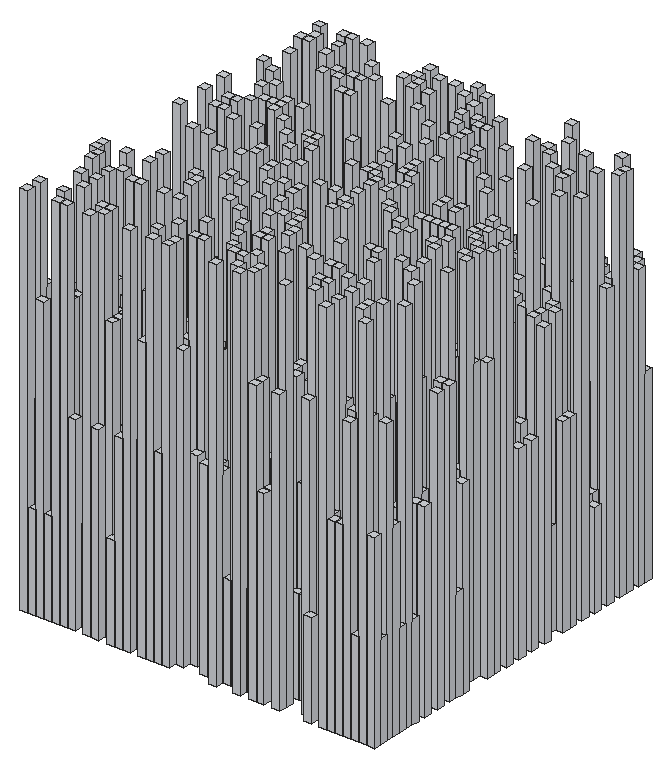
Revit family "qrcodeQ(a)R(t)", category Generic Models, Revit 2013 (continued)
Forms (in)
  Extrusion 926, solid
    sketch origin (0, 0, 0) x (1, 0, 0) y (0, 1, 0)
      loop
        line (43.9824, 38.9844) -> (44.982, 38.9844) -> (44.982, 39.984) -> (43.9824, 39.984) -> (43.9824, 38.9844)
    from 0 to 48
  Extrusion 927, solid
    sketch origin (0, 0, 0) x (1, 0, 0) y (0, 1, 0)
      loop
        line (0, 39.984) -> (0.9996, 39.984) -> (0.9996, 40.9836) -> (0, 40.9836) -> (0, 39.984)
    from 0 to 24
  Extrusion 928, solid
    sketch origin (0, 0, 0) x (1, 0, 0) y (0, 1, 0)
      loop
        line (1.9992, 39.984) -> (2.9988, 39.984) -> (2.9988, 40.9836) -> (1.9992, 40.9836) -> (1.9992, 39.984)
    from 0 to 12
  Extrusion 929, solid
    sketch origin (0, 0, 0) x (1, 0, 0) y (0, 1, 0)
      loop
        line (2.9988, 39.984) -> (3.9984, 39.984) -> (3.9984, 40.9836) -> (2.9988, 40.9836) -> (2.9988, 39.984)
    from 0 to 36
  Extrusion 930, solid
    sketch origin (0, 0, 0) x (1, 0, 0) y (0, 1, 0)
      loop
        line (3.9984, 39.984) -> (4.998, 39.984) -> (4.998, 40.9836) -> (3.9984, 40.9836) -> (3.9984, 39.984)
    from 0 to 36
  Extrusion 931, solid
    sketch origin (0, 0, 0) x (1, 0, 0) y (0, 1, 0)
      loop
        line (5.9976, 39.984) -> (6.9972, 39.984) -> (6.9972, 40.9836) -> (5.9976, 40.9836) -> (5.9976, 39.984)
    from 0 to 48
  Extrusion 932, solid
    sketch origin (0, 0, 0) x (1, 0, 0) y (0, 1, 0)
      loop
        line (7.9968, 39.984) -> (8.9964, 39.984) -> (8.9964, 40.9836) -> (7.9968, 40.9836) -> (7.9968, 39.984)
    from 0 to 24
  Extrusion 933, solid
    sketch origin (0, 0, 0) x (1, 0, 0) y (0, 1, 0)
      loop
        line (9.996, 39.984) -> (10.9956, 39.984) -> (10.9956, 40.9836) -> (9.996, 40.9836) -> (9.996, 39.984)
    from 0 to 36
  Extrusion 934, solid
    sketch origin (0, 0, 0) x (1, 0, 0) y (0, 1, 0)
      loop
        line (10.9956, 39.984) -> (11.9952, 39.984) -> (11.9952, 40.9836) -> (10.9956, 40.9836) -> (10.9956, 39.984)
    from 0 to 12
  Extrusion 935, solid
    sketch origin (0, 0, 0) x (1, 0, 0) y (0, 1, 0)
      loop
        line (11.9952, 39.984) -> (12.9948, 39.984) -> (12.9948, 40.9836) -> (11.9952, 40.9836) -> (11.9952, 39.984)
    from 0 to 24
  Extrusion 936, solid
    sketch origin (0, 0, 0) x (1, 0, 0) y (0, 1, 0)
      loop
        line (15.9936, 39.984) -> (16.9932, 39.984) -> (16.9932, 40.9836) -> (15.9936, 40.9836) -> (15.9936, 39.984)
    from 0 to 24
  Extrusion 937, solid
    sketch origin (0, 0, 0) x (1, 0, 0) y (0, 1, 0)
      loop
        line (16.9932, 39.984) -> (17.9928, 39.984) -> (17.9928, 40.9836) -> (16.9932, 40.9836) -> (16.9932, 39.984)
    from 0 to 48
  Extrusion 938, solid
    sketch origin (0, 0, 0) x (1, 0, 0) y (0, 1, 0)
      loop
        line (18.9924, 39.984) -> (19.992, 39.984) -> (19.992, 40.9836) -> (18.9924, 40.9836) -> (18.9924, 39.984)
    from 0 to 48
  Extrusion 939, solid
    sketch origin (0, 0, 0) x (1, 0, 0) y (0, 1, 0)
      loop
        line (19.992, 39.984) -> (20.9916, 39.984) -> (20.9916, 40.9836) -> (19.992, 40.9836) -> (19.992, 39.984)
    from 0 to 24
  Extrusion 940, solid
    sketch origin (0, 0, 0) x (1, 0, 0) y (0, 1, 0)
      loop
        line (20.9916, 39.984) -> (21.9912, 39.984) -> (21.9912, 40.9836) -> (20.9916, 40.9836) -> (20.9916, 39.984)
    from 0 to 12
  Extrusion 941, solid
    sketch origin (0, 0, 0) x (1, 0, 0) y (0, 1, 0)
      loop
        line (21.9912, 39.984) -> (22.9908, 39.984) -> (22.9908, 40.9836) -> (21.9912, 40.9836) -> (21.9912, 39.984)
    from 0 to 36
  Extrusion 942, solid
    sketch origin (0, 0, 0) x (1, 0, 0) y (0, 1, 0)
      loop
        line (22.9908, 39.984) -> (23.9904, 39.984) -> (23.9904, 40.9836) -> (22.9908, 40.9836) -> (22.9908, 39.984)
    from 0 to 12
  Extrusion 943, solid
    sketch origin (0, 0, 0) x (1, 0, 0) y (0, 1, 0)
      loop
        line (23.9904, 39.984) -> (24.99, 39.984) -> (24.99, 40.9836) -> (23.9904, 40.9836) -> (23.9904, 39.984)
    from 0 to 36
  Extrusion 944, solid
    sketch origin (0, 0, 0) x (1, 0, 0) y (0, 1, 0)
      loop
        line (24.99, 39.984) -> (25.9896, 39.984) -> (25.9896, 40.9836) -> (24.99, 40.9836) -> (24.99, 39.984)
    from 0 to 12
  Extrusion 945, solid
    sketch origin (0, 0, 0) x (1, 0, 0) y (0, 1, 0)
      loop
        line (25.9896, 39.984) -> (26.9892, 39.984) -> (26.9892, 40.9836) -> (25.9896, 40.9836) -> (25.9896, 39.984)
    from 0 to 24
  Extrusion 946, solid
    sketch origin (0, 0, 0) x (1, 0, 0) y (0, 1, 0)
      loop
        line (27.9888, 39.984) -> (28.9884, 39.984) -> (28.9884, 40.9836) -> (27.9888, 40.9836) -> (27.9888, 39.984)
    from 0 to 48
  Extrusion 947, solid
    sketch origin (0, 0, 0) x (1, 0, 0) y (0, 1, 0)
      loop
        line (29.988, 39.984) -> (30.9876, 39.984) -> (30.9876, 40.9836) -> (29.988, 40.9836) -> (29.988, 39.984)
    from 0 to 24
  Extrusion 948, solid
    sketch origin (0, 0, 0) x (1, 0, 0) y (0, 1, 0)
      loop
        line (30.9876, 39.984) -> (31.9872, 39.984) -> (31.9872, 40.9836) -> (30.9876, 40.9836) -> (30.9876, 39.984)
    from 0 to 36
  Extrusion 949, solid
    sketch origin (0, 0, 0) x (1, 0, 0) y (0, 1, 0)
      loop
        line (32.9868, 39.984) -> (33.9864, 39.984) -> (33.9864, 40.9836) -> (32.9868, 40.9836) -> (32.9868, 39.984)
    from 0 to 12
  Extrusion 950, solid
    sketch origin (0, 0, 0) x (1, 0, 0) y (0, 1, 0)
      loop
        line (33.9864, 39.984) -> (34.986, 39.984) -> (34.986, 40.9836) -> (33.9864, 40.9836) -> (33.9864, 39.984)
    from 0 to 24
  Extrusion 951, solid
    sketch origin (0, 0, 0) x (1, 0, 0) y (0, 1, 0)
      loop
        line (34.986, 39.984) -> (35.9856, 39.984) -> (35.9856, 40.9836) -> (34.986, 40.9836) -> (34.986, 39.984)
    from 0 to 36
  Extrusion 952, solid
    sketch origin (0, 0, 0) x (1, 0, 0) y (0, 1, 0)
      loop
        line (35.9856, 39.984) -> (36.9852, 39.984) -> (36.9852, 40.9836) -> (35.9856, 40.9836) -> (35.9856, 39.984)
    from 0 to 12
  Extrusion 953, solid
    sketch origin (0, 0, 0) x (1, 0, 0) y (0, 1, 0)
      loop
        line (36.9852, 39.984) -> (37.9848, 39.984) -> (37.9848, 40.9836) -> (36.9852, 40.9836) -> (36.9852, 39.984)
    from 0 to 24
  Extrusion 954, solid
    sketch origin (0, 0, 0) x (1, 0, 0) y (0, 1, 0)
      loop
        line (37.9848, 39.984) -> (38.9844, 39.984) -> (38.9844, 40.9836) -> (37.9848, 40.9836) -> (37.9848, 39.984)
    from 0 to 36
  Extrusion 955, solid
    sketch origin (0, 0, 0) x (1, 0, 0) y (0, 1, 0)
      loop
        line (38.9844, 39.984) -> (39.984, 39.984) -> (39.984, 40.9836) -> (38.9844, 40.9836) -> (38.9844, 39.984)
    from 0 to 48
  Extrusion 956, solid
    sketch origin (0, 0, 0) x (1, 0, 0) y (0, 1, 0)
      loop
        line (39.984, 39.984) -> (40.9836, 39.984) -> (40.9836, 40.9836) -> (39.984, 40.9836) -> (39.984, 39.984)
    from 0 to 24
  Extrusion 957, solid
    sketch origin (0, 0, 0) x (1, 0, 0) y (0, 1, 0)
      loop
        line (40.9836, 39.984) -> (41.9832, 39.984) -> (41.9832, 40.9836) -> (40.9836, 40.9836) -> (40.9836, 39.984)
    from 0 to 36
  Extrusion 958, solid
    sketch origin (0, 0, 0) x (1, 0, 0) y (0, 1, 0)
      loop
        line (43.9824, 39.984) -> (44.982, 39.984) -> (44.982, 40.9836) -> (43.9824, 40.9836) -> (43.9824, 39.984)
    from 0 to 48
  Extrusion 959, solid
    sketch origin (0, 0, 0) x (1, 0, 0) y (0, 1, 0)
      loop
        line (0, 40.9836) -> (0.9996, 40.9836) -> (0.9996, 41.9832) -> (0, 41.9832) -> (0, 40.9836)
    from 0 to 24
  Extrusion 960, solid
    sketch origin (0, 0, 0) x (1, 0, 0) y (0, 1, 0)
      loop
        line (1.9992, 40.9836) -> (2.9988, 40.9836) -> (2.9988, 41.9832) -> (1.9992, 41.9832) -> (1.9992, 40.9836)
    from 0 to 48
  Extrusion 961, solid
    sketch origin (0, 0, 0) x (1, 0, 0) y (0, 1, 0)
      loop
        line (2.9988, 40.9836) -> (3.9984, 40.9836) -> (3.9984, 41.9832) -> (2.9988, 41.9832) -> (2.9988, 40.9836)
    from 0 to 48
  Extrusion 962, solid
    sketch origin (0, 0, 0) x (1, 0, 0) y (0, 1, 0)
      loop
        line (3.9984, 40.9836) -> (4.998, 40.9836) -> (4.998, 41.9832) -> (3.9984, 41.9832) -> (3.9984, 40.9836)
    from 0 to 12
  Extrusion 963, solid
    sketch origin (0, 0, 0) x (1, 0, 0) y (0, 1, 0)
      loop
        line (5.9976, 40.9836) -> (6.9972, 40.9836) -> (6.9972, 41.9832) -> (5.9976, 41.9832) -> (5.9976, 40.9836)
    from 0 to 36
  Extrusion 964, solid
    sketch origin (0, 0, 0) x (1, 0, 0) y (0, 1, 0)
      loop
        line (7.9968, 40.9836) -> (8.9964, 40.9836) -> (8.9964, 41.9832) -> (7.9968, 41.9832) -> (7.9968, 40.9836)
    from 0 to 24
  Extrusion 965, solid
    sketch origin (0, 0, 0) x (1, 0, 0) y (0, 1, 0)
      loop
        line (10.9956, 40.9836) -> (11.9952, 40.9836) -> (11.9952, 41.9832) -> (10.9956, 41.9832) -> (10.9956, 40.9836)
    from 0 to 48
  Extrusion 966, solid
    sketch origin (0, 0, 0) x (1, 0, 0) y (0, 1, 0)
      loop
        line (14.994, 40.9836) -> (15.9936, 40.9836) -> (15.9936, 41.9832) -> (14.994, 41.9832) -> (14.994, 40.9836)
    from 0 to 48
  Extrusion 967, solid
    sketch origin (0, 0, 0) x (1, 0, 0) y (0, 1, 0)
      loop
        line (15.9936, 40.9836) -> (16.9932, 40.9836) -> (16.9932, 41.9832) -> (15.9936, 41.9832) -> (15.9936, 40.9836)
    from 0 to 12
  Extrusion 968, solid
    sketch origin (0, 0, 0) x (1, 0, 0) y (0, 1, 0)
      loop
        line (16.9932, 40.9836) -> (17.9928, 40.9836) -> (17.9928, 41.9832) -> (16.9932, 41.9832) -> (16.9932, 40.9836)
    from 0 to 48
  Extrusion 969, solid
    sketch origin (0, 0, 0) x (1, 0, 0) y (0, 1, 0)
      loop
        line (19.992, 40.9836) -> (20.9916, 40.9836) -> (20.9916, 41.9832) -> (19.992, 41.9832) -> (19.992, 40.9836)
    from 0 to 24
  Extrusion 970, solid
    sketch origin (0, 0, 0) x (1, 0, 0) y (0, 1, 0)
      loop
        line (21.9912, 40.9836) -> (22.9908, 40.9836) -> (22.9908, 41.9832) -> (21.9912, 41.9832) -> (21.9912, 40.9836)
    from 0 to 12
  Extrusion 971, solid
    sketch origin (0, 0, 0) x (1, 0, 0) y (0, 1, 0)
      loop
        line (23.9904, 40.9836) -> (24.99, 40.9836) -> (24.99, 41.9832) -> (23.9904, 41.9832) -> (23.9904, 40.9836)
    from 0 to 48
  Extrusion 972, solid
    sketch origin (0, 0, 0) x (1, 0, 0) y (0, 1, 0)
      loop
        line (28.9884, 40.9836) -> (29.988, 40.9836) -> (29.988, 41.9832) -> (28.9884, 41.9832) -> (28.9884, 40.9836)
    from 0 to 24
  Extrusion 973, solid
    sketch origin (0, 0, 0) x (1, 0, 0) y (0, 1, 0)
      loop
        line (29.988, 40.9836) -> (30.9876, 40.9836) -> (30.9876, 41.9832) -> (29.988, 41.9832) -> (29.988, 40.9836)
    from 0 to 12
  Extrusion 974, solid
    sketch origin (0, 0, 0) x (1, 0, 0) y (0, 1, 0)
      loop
        line (31.9872, 40.9836) -> (32.9868, 40.9836) -> (32.9868, 41.9832) -> (31.9872, 41.9832) -> (31.9872, 40.9836)
    from 0 to 24
  Extrusion 975, solid
    sketch origin (0, 0, 0) x (1, 0, 0) y (0, 1, 0)
      loop
        line (32.9868, 40.9836) -> (33.9864, 40.9836) -> (33.9864, 41.9832) -> (32.9868, 41.9832) -> (32.9868, 40.9836)
    from 0 to 36
  Extrusion 976, solid
    sketch origin (0, 0, 0) x (1, 0, 0) y (0, 1, 0)
      loop
        line (34.986, 40.9836) -> (35.9856, 40.9836) -> (35.9856, 41.9832) -> (34.986, 41.9832) -> (34.986, 40.9836)
    from 0 to 12
  Extrusion 977, solid
    sketch origin (0, 0, 0) x (1, 0, 0) y (0, 1, 0)
      loop
        line (35.9856, 40.9836) -> (36.9852, 40.9836) -> (36.9852, 41.9832) -> (35.9856, 41.9832) -> (35.9856, 40.9836)
    from 0 to 48
  Extrusion 978, solid
    sketch origin (0, 0, 0) x (1, 0, 0) y (0, 1, 0)
      loop
        line (39.984, 40.9836) -> (40.9836, 40.9836) -> (40.9836, 41.9832) -> (39.984, 41.9832) -> (39.984, 40.9836)
    from 0 to 36
  Extrusion 979, solid
    sketch origin (0, 0, 0) x (1, 0, 0) y (0, 1, 0)
      loop
        line (40.9836, 40.9836) -> (41.9832, 40.9836) -> (41.9832, 41.9832) -> (40.9836, 41.9832) -> (40.9836, 40.9836)
    from 0 to 24
  Extrusion 980, solid
    sketch origin (0, 0, 0) x (1, 0, 0) y (0, 1, 0)
      loop
        line (41.9832, 40.9836) -> (42.9828, 40.9836) -> (42.9828, 41.9832) -> (41.9832, 41.9832) -> (41.9832, 40.9836)
    from 0 to 12
  Extrusion 981, solid
    sketch origin (0, 0, 0) x (1, 0, 0) y (0, 1, 0)
      loop
        line (0, 41.9832) -> (0.9996, 41.9832) -> (0.9996, 42.9828) -> (0, 42.9828) -> (0, 41.9832)
    from 0 to 24
  Extrusion 982, solid
    sketch origin (0, 0, 0) x (1, 0, 0) y (0, 1, 0)
      loop
        line (1.9992, 41.9832) -> (2.9988, 41.9832) -> (2.9988, 42.9828) -> (1.9992, 42.9828) -> (1.9992, 41.9832)
    from 0 to 36
  Extrusion 983, solid
    sketch origin (0, 0, 0) x (1, 0, 0) y (0, 1, 0)
      loop
        line (2.9988, 41.9832) -> (3.9984, 41.9832) -> (3.9984, 42.9828) -> (2.9988, 42.9828) -> (2.9988, 41.9832)
    from 0 to 48
  Extrusion 984, solid
    sketch origin (0, 0, 0) x (1, 0, 0) y (0, 1, 0)
      loop
        line (3.9984, 41.9832) -> (4.998, 41.9832) -> (4.998, 42.9828) -> (3.9984, 42.9828) -> (3.9984, 41.9832)
    from 0 to 36
  Extrusion 985, solid
    sketch origin (0, 0, 0) x (1, 0, 0) y (0, 1, 0)
      loop
        line (5.9976, 41.9832) -> (6.9972, 41.9832) -> (6.9972, 42.9828) -> (5.9976, 42.9828) -> (5.9976, 41.9832)
    from 0 to 48
  Extrusion 986, solid
    sketch origin (0, 0, 0) x (1, 0, 0) y (0, 1, 0)
      loop
        line (9.996, 41.9832) -> (10.9956, 41.9832) -> (10.9956, 42.9828) -> (9.996, 42.9828) -> (9.996, 41.9832)
    from 0 to 36
  Extrusion 987, solid
    sketch origin (0, 0, 0) x (1, 0, 0) y (0, 1, 0)
      loop
        line (11.9952, 41.9832) -> (12.9948, 41.9832) -> (12.9948, 42.9828) -> (11.9952, 42.9828) -> (11.9952, 41.9832)
    from 0 to 12
  Extrusion 988, solid
    sketch origin (0, 0, 0) x (1, 0, 0) y (0, 1, 0)
      loop
        line (15.9936, 41.9832) -> (16.9932, 41.9832) -> (16.9932, 42.9828) -> (15.9936, 42.9828) -> (15.9936, 41.9832)
    from 0 to 48
  Extrusion 989, solid
    sketch origin (0, 0, 0) x (1, 0, 0) y (0, 1, 0)
      loop
        line (16.9932, 41.9832) -> (17.9928, 41.9832) -> (17.9928, 42.9828) -> (16.9932, 42.9828) -> (16.9932, 41.9832)
    from 0 to 36
  Extrusion 990, solid
    sketch origin (0, 0, 0) x (1, 0, 0) y (0, 1, 0)
      loop
        line (21.9912, 41.9832) -> (22.9908, 41.9832) -> (22.9908, 42.9828) -> (21.9912, 42.9828) -> (21.9912, 41.9832)
    from 0 to 48
  Extrusion 991, solid
    sketch origin (0, 0, 0) x (1, 0, 0) y (0, 1, 0)
      loop
        line (22.9908, 41.9832) -> (23.9904, 41.9832) -> (23.9904, 42.9828) -> (22.9908, 42.9828) -> (22.9908, 41.9832)
    from 0 to 24
  Extrusion 992, solid
    sketch origin (0, 0, 0) x (1, 0, 0) y (0, 1, 0)
      loop
        line (23.9904, 41.9832) -> (24.99, 41.9832) -> (24.99, 42.9828) -> (23.9904, 42.9828) -> (23.9904, 41.9832)
    from 0 to 12
  Extrusion 993, solid
    sketch origin (0, 0, 0) x (1, 0, 0) y (0, 1, 0)
      loop
        line (25.9896, 41.9832) -> (26.9892, 41.9832) -> (26.9892, 42.9828) -> (25.9896, 42.9828) -> (25.9896, 41.9832)
    from 0 to 12
  Extrusion 994, solid
    sketch origin (0, 0, 0) x (1, 0, 0) y (0, 1, 0)
      loop
        line (29.988, 41.9832) -> (30.9876, 41.9832) -> (30.9876, 42.9828) -> (29.988, 42.9828) -> (29.988, 41.9832)
    from 0 to 36
  Extrusion 995, solid
    sketch origin (0, 0, 0) x (1, 0, 0) y (0, 1, 0)
      loop
        line (32.9868, 41.9832) -> (33.9864, 41.9832) -> (33.9864, 42.9828) -> (32.9868, 42.9828) -> (32.9868, 41.9832)
    from 0 to 24
  Extrusion 996, solid
    sketch origin (0, 0, 0) x (1, 0, 0) y (0, 1, 0)
      loop
        line (33.9864, 41.9832) -> (34.986, 41.9832) -> (34.986, 42.9828) -> (33.9864, 42.9828) -> (33.9864, 41.9832)
    from 0 to 12
  Extrusion 997, solid
    sketch origin (0, 0, 0) x (1, 0, 0) y (0, 1, 0)
      loop
        line (37.9848, 41.9832) -> (38.9844, 41.9832) -> (38.9844, 42.9828) -> (37.9848, 42.9828) -> (37.9848, 41.9832)
    from 0 to 12
  Extrusion 998, solid
    sketch origin (0, 0, 0) x (1, 0, 0) y (0, 1, 0)
      loop
        line (41.9832, 41.9832) -> (42.9828, 41.9832) -> (42.9828, 42.9828) -> (41.9832, 42.9828) -> (41.9832, 41.9832)
    from 0 to 48
  Extrusion 999, solid
    sketch origin (0, 0, 0) x (1, 0, 0) y (0, 1, 0)
      loop
        line (42.9828, 41.9832) -> (43.9824, 41.9832) -> (43.9824, 42.9828) -> (42.9828, 42.9828) -> (42.9828, 41.9832)
    from 0 to 12
  Extrusion 1000, solid
    sketch origin (0, 0, 0) x (1, 0, 0) y (0, 1, 0)
      loop
        line (43.9824, 41.9832) -> (44.982, 41.9832) -> (44.982, 42.9828) -> (43.9824, 42.9828) -> (43.9824, 41.9832)
    from 0 to 36
  Extrusion 1001, solid
    sketch origin (0, 0, 0) x (1, 0, 0) y (0, 1, 0)
      loop
        line (0, 42.9828) -> (0.9996, 42.9828) -> (0.9996, 43.9824) -> (0, 43.9824) -> (0, 42.9828)
    from 0 to 36
  Extrusion 1002, solid
    sketch origin (0, 0, 0) x (1, 0, 0) y (0, 1, 0)
      loop
        line (5.9976, 42.9828) -> (6.9972, 42.9828) -> (6.9972, 43.9824) -> (5.9976, 43.9824) -> (5.9976, 42.9828)
    from 0 to 24
  Extrusion 1003, solid
    sketch origin (0, 0, 0) x (1, 0, 0) y (0, 1, 0)
      loop
        line (11.9952, 42.9828) -> (12.9948, 42.9828) -> (12.9948, 43.9824) -> (11.9952, 43.9824) -> (11.9952, 42.9828)
    from 0 to 24
  Extrusion 1004, solid
    sketch origin (0, 0, 0) x (1, 0, 0) y (0, 1, 0)
      loop
        line (12.9948, 42.9828) -> (13.9944, 42.9828) -> (13.9944, 43.9824) -> (12.9948, 43.9824) -> (12.9948, 42.9828)
    from 0 to 24
  Extrusion 1005, solid
    sketch origin (0, 0, 0) x (1, 0, 0) y (0, 1, 0)
      loop
        line (13.9944, 42.9828) -> (14.994, 42.9828) -> (14.994, 43.9824) -> (13.9944, 43.9824) -> (13.9944, 42.9828)
    from 0 to 12
  Extrusion 1006, solid
    sketch origin (0, 0, 0) x (1, 0, 0) y (0, 1, 0)
      loop
        line (15.9936, 42.9828) -> (16.9932, 42.9828) -> (16.9932, 43.9824) -> (15.9936, 43.9824) -> (15.9936, 42.9828)
    from 0 to 12
  Extrusion 1007, solid
    sketch origin (0, 0, 0) x (1, 0, 0) y (0, 1, 0)
      loop
        line (16.9932, 42.9828) -> (17.9928, 42.9828) -> (17.9928, 43.9824) -> (16.9932, 43.9824) -> (16.9932, 42.9828)
    from 0 to 12
  Extrusion 1008, solid
    sketch origin (0, 0, 0) x (1, 0, 0) y (0, 1, 0)
      loop
        line (17.9928, 42.9828) -> (18.9924, 42.9828) -> (18.9924, 43.9824) -> (17.9928, 43.9824) -> (17.9928, 42.9828)
    from 0 to 48
  Extrusion 1009, solid
    sketch origin (0, 0, 0) x (1, 0, 0) y (0, 1, 0)
      loop
        line (19.992, 42.9828) -> (20.9916, 42.9828) -> (20.9916, 43.9824) -> (19.992, 43.9824) -> (19.992, 42.9828)
    from 0 to 48
  Extrusion 1010, solid
    sketch origin (0, 0, 0) x (1, 0, 0) y (0, 1, 0)
      loop
        line (23.9904, 42.9828) -> (24.99, 42.9828) -> (24.99, 43.9824) -> (23.9904, 43.9824) -> (23.9904, 42.9828)
    from 0 to 48
  Extrusion 1011, solid
    sketch origin (0, 0, 0) x (1, 0, 0) y (0, 1, 0)
      loop
        line (28.9884, 42.9828) -> (29.988, 42.9828) -> (29.988, 43.9824) -> (28.9884, 43.9824) -> (28.9884, 42.9828)
    from 0 to 24
  Extrusion 1012, solid
    sketch origin (0, 0, 0) x (1, 0, 0) y (0, 1, 0)
      loop
        line (31.9872, 42.9828) -> (32.9868, 42.9828) -> (32.9868, 43.9824) -> (31.9872, 43.9824) -> (31.9872, 42.9828)
    from 0 to 36
  Extrusion 1013, solid
    sketch origin (0, 0, 0) x (1, 0, 0) y (0, 1, 0)
      loop
        line (36.9852, 42.9828) -> (37.9848, 42.9828) -> (37.9848, 43.9824) -> (36.9852, 43.9824) -> (36.9852, 42.9828)
    from 0 to 36
  Extrusion 1014, solid
    sketch origin (0, 0, 0) x (1, 0, 0) y (0, 1, 0)
      loop
        line (37.9848, 42.9828) -> (38.9844, 42.9828) -> (38.9844, 43.9824) -> (37.9848, 43.9824) -> (37.9848, 42.9828)
    from 0 to 36
  Extrusion 1015, solid
    sketch origin (0, 0, 0) x (1, 0, 0) y (0, 1, 0)
      loop
        line (39.984, 42.9828) -> (40.9836, 42.9828) -> (40.9836, 43.9824) -> (39.984, 43.9824) -> (39.984, 42.9828)
    from 0 to 24
  Extrusion 1016, solid
    sketch origin (0, 0, 0) x (1, 0, 0) y (0, 1, 0)
      loop
        line (41.9832, 42.9828) -> (42.9828, 42.9828) -> (42.9828, 43.9824) -> (41.9832, 43.9824) -> (41.9832, 42.9828)
    from 0 to 36
  Extrusion 1017, solid
    sketch origin (0, 0, 0) x (1, 0, 0) y (0, 1, 0)
      loop
        line (42.9828, 42.9828) -> (43.9824, 42.9828) -> (43.9824, 43.9824) -> (42.9828, 43.9824) -> (42.9828, 42.9828)
    from 0 to 36
  Extrusion 1018, solid
    sketch origin (0, 0, 0) x (1, 0, 0) y (0, 1, 0)
      loop
        line (43.9824, 42.9828) -> (44.982, 42.9828) -> (44.982, 43.9824) -> (43.9824, 43.9824) -> (43.9824, 42.9828)
    from 0 to 24
  Extrusion 1019, solid
    sketch origin (0, 0, 0) x (1, 0, 0) y (0, 1, 0)
      loop
        line (0, 43.9824) -> (0.9996, 43.9824) -> (0.9996, 44.982) -> (0, 44.982) -> (0, 43.9824)
    from 0 to 36
  Extrusion 1020, solid
    sketch origin (0, 0, 0) x (1, 0, 0) y (0, 1, 0)
      loop
        line (0.9996, 43.9824) -> (1.9992, 43.9824) -> (1.9992, 44.982) -> (0.9996, 44.982) -> (0.9996, 43.9824)
    from 0 to 24
  Extrusion 1021, solid
    sketch origin (0, 0, 0) x (1, 0, 0) y (0, 1, 0)
      loop
        line (1.9992, 43.9824) -> (2.9988, 43.9824) -> (2.9988, 44.982) -> (1.9992, 44.982) -> (1.9992, 43.9824)
    from 0 to 48
  Extrusion 1022, solid
    sketch origin (0, 0, 0) x (1, 0, 0) y (0, 1, 0)
      loop
        line (2.9988, 43.9824) -> (3.9984, 43.9824) -> (3.9984, 44.982) -> (2.9988, 44.982) -> (2.9988, 43.9824)
    from 0 to 36
  Extrusion 1023, solid
    sketch origin (0, 0, 0) x (1, 0, 0) y (0, 1, 0)
      loop
        line (3.9984, 43.9824) -> (4.998, 43.9824) -> (4.998, 44.982) -> (3.9984, 44.982) -> (3.9984, 43.9824)
    from 0 to 12
  Extrusion 1024, solid
    sketch origin (0, 0, 0) x (1, 0, 0) y (0, 1, 0)
      loop
        line (4.998, 43.9824) -> (5.9976, 43.9824) -> (5.9976, 44.982) -> (4.998, 44.982) -> (4.998, 43.9824)
    from 0 to 48
  Extrusion 1025, solid
    sketch origin (0, 0, 0) x (1, 0, 0) y (0, 1, 0)
      loop
        line (5.9976, 43.9824) -> (6.9972, 43.9824) -> (6.9972, 44.982) -> (5.9976, 44.982) -> (5.9976, 43.9824)
    from 0 to 48
  Extrusion 1026, solid
    sketch origin (0, 0, 0) x (1, 0, 0) y (0, 1, 0)
      loop
        line (7.9968, 43.9824) -> (8.9964, 43.9824) -> (8.9964, 44.982) -> (7.9968, 44.982) -> (7.9968, 43.9824)
    from 0 to 48
  Extrusion 1027, solid
    sketch origin (0, 0, 0) x (1, 0, 0) y (0, 1, 0)
      loop
        line (8.9964, 43.9824) -> (9.996, 43.9824) -> (9.996, 44.982) -> (8.9964, 44.982) -> (8.9964, 43.9824)
    from 0 to 24
  Extrusion 1028, solid
    sketch origin (0, 0, 0) x (1, 0, 0) y (0, 1, 0)
      loop
        line (10.9956, 43.9824) -> (11.9952, 43.9824) -> (11.9952, 44.982) -> (10.9956, 44.982) -> (10.9956, 43.9824)
    from 0 to 12
  Extrusion 1029, solid
    sketch origin (0, 0, 0) x (1, 0, 0) y (0, 1, 0)
      loop
        line (13.9944, 43.9824) -> (14.994, 43.9824) -> (14.994, 44.982) -> (13.9944, 44.982) -> (13.9944, 43.9824)
    from 0 to 12
  Extrusion 1030, solid
    sketch origin (0, 0, 0) x (1, 0, 0) y (0, 1, 0)
      loop
        line (15.9936, 43.9824) -> (16.9932, 43.9824) -> (16.9932, 44.982) -> (15.9936, 44.982) -> (15.9936, 43.9824)
    from 0 to 48
  Extrusion 1031, solid
    sketch origin (0, 0, 0) x (1, 0, 0) y (0, 1, 0)
      loop
        line (18.9924, 43.9824) -> (19.992, 43.9824) -> (19.992, 44.982) -> (18.9924, 44.982) -> (18.9924, 43.9824)
    from 0 to 12
  Extrusion 1032, solid
    sketch origin (0, 0, 0) x (1, 0, 0) y (0, 1, 0)
      loop
        line (21.9912, 43.9824) -> (22.9908, 43.9824) -> (22.9908, 44.982) -> (21.9912, 44.982) -> (21.9912, 43.9824)
    from 0 to 48
  Extrusion 1033, solid
    sketch origin (0, 0, 0) x (1, 0, 0) y (0, 1, 0)
      loop
        line (22.9908, 43.9824) -> (23.9904, 43.9824) -> (23.9904, 44.982) -> (22.9908, 44.982) -> (22.9908, 43.9824)
    from 0 to 12
  Extrusion 1034, solid
    sketch origin (0, 0, 0) x (1, 0, 0) y (0, 1, 0)
      loop
        line (24.99, 43.9824) -> (25.9896, 43.9824) -> (25.9896, 44.982) -> (24.99, 44.982) -> (24.99, 43.9824)
    from 0 to 12
  Extrusion 1035, solid
    sketch origin (0, 0, 0) x (1, 0, 0) y (0, 1, 0)
      loop
        line (25.9896, 43.9824) -> (26.9892, 43.9824) -> (26.9892, 44.982) -> (25.9896, 44.982) -> (25.9896, 43.9824)
    from 0 to 24
  Extrusion 1036, solid
    sketch origin (0, 0, 0) x (1, 0, 0) y (0, 1, 0)
      loop
        line (30.9876, 43.9824) -> (31.9872, 43.9824) -> (31.9872, 44.982) -> (30.9876, 44.982) -> (30.9876, 43.9824)
    from 0 to 36
  Extrusion 1037, solid
    sketch origin (0, 0, 0) x (1, 0, 0) y (0, 1, 0)
      loop
        line (33.9864, 43.9824) -> (34.986, 43.9824) -> (34.986, 44.982) -> (33.9864, 44.982) -> (33.9864, 43.9824)
    from 0 to 48
  Extrusion 1038, solid
    sketch origin (0, 0, 0) x (1, 0, 0) y (0, 1, 0)
      loop
        line (34.986, 43.9824) -> (35.9856, 43.9824) -> (35.9856, 44.982) -> (34.986, 44.982) -> (34.986, 43.9824)
    from 0 to 12
  Extrusion 1039, solid
    sketch origin (0, 0, 0) x (1, 0, 0) y (0, 1, 0)
      loop
        line (40.9836, 43.9824) -> (41.9832, 43.9824) -> (41.9832, 44.982) -> (40.9836, 44.982) -> (40.9836, 43.9824)
    from 0 to 24
  Extrusion 1040, solid
    sketch origin (0, 0, 0) x (1, 0, 0) y (0, 1, 0)
      loop
        line (41.9832, 43.9824) -> (42.9828, 43.9824) -> (42.9828, 44.982) -> (41.9832, 44.982) -> (41.9832, 43.9824)
    from 0 to 36
Dimensions and locks (in)
  aligned and locked: plane 2 to level
